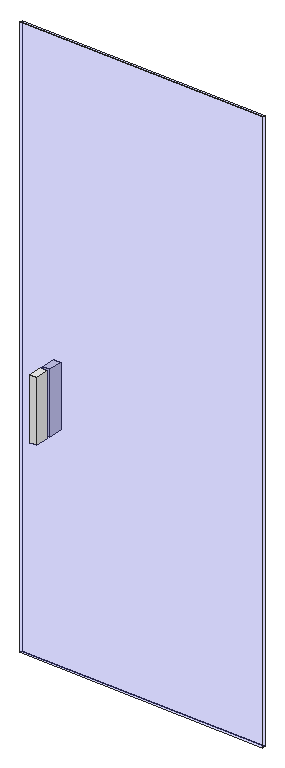
Revit family "M_Ściana kurtynowa z pojedynczym szkłem", category Doors, Revit 2015
Parameters
  Visual Light Transmittance = 0.9
  Solar Heat Gain Coefficient = 0.86
  Odsuń = 51.00 mm
  Construction Type Id = ""
  Heat Transfer Coefficient (U) = 5.5617 W/(m²·K)
  Materiał przeszklenia = Szkło
  Function = Exterior
  Analytic Construction = Duże pojedynczo szklone okna
Reference planes
  plane 1: y = 0
  plane 2: z = 0
  plane 3: x = 539.723
  plane 4: x = 82.523
  plane 5: x = 996.923
  plane 6: z = 2133.6
  plane 7: y = 51
Forms (mm)
  Extrusion 1, solid, material "Szkło" <- "Materiał przeszklenia"
    sketch origin (0, 0, 0) x (1, 0, 0) y (0, 1, 0)
      loop
        line (82.523, 51) -> (82.523, 38.3) -> (996.923, 38.3) -> (996.923, 51) -> (82.523, 51)
    from 0 to 2133.6
  Extrusion 2, solid, material "Aluminium"
    sketch origin (412.723, 51, 2133.6) x (0, 0, -1) y (-1, 0, 0)
      loop
        line (1143, 228.6) -> (1371.6, 228.6) -> (1371.6, 254) -> (1143, 254) -> (1143, 228.6)
    from 0 to 50.8
  Extrusion 3, solid, material "Aluminium"
    sketch origin (82.523, 38.3, 2133.6) x (0, 0, -1) y (1, 0, 0)
      loop
        line (1143, 76.2) -> (1371.6, 76.2) -> (1371.6, 101.6) -> (1143, 101.6) -> (1143, 76.2)
    from 0 to 50.8
Lines and regions (mm)
  symbolic lines, style "DoorsPanelProjection"
    curve 1: line (996.923, 51, 0) -> (996.923, 965.4, 0)
  symbolic lines, style "Ugięcie elewacji"
    curve 2: line (82.523, 51, 2133.6) -> (996.923, 51, 1066.8)
    curve 3: line (996.923, 51, 1066.8) -> (82.523, 51, 0)
  symbolic lines, style "Ugięcie rzutu"
    curve 4: arc (82.523, 51, 0) -> (350.345, 697.578, 0) -> (996.923, 965.4, 0) r 914.4
Text (mm)
  text "Zewnętrzna" at (-272.061, 797.241, 0), in view "Linia bazowa"
Dimensions and locks
  equal spacing: plane 4, plane 3, plane 5
  "Odsuń": plane 1 to plane 7
  equal spacing: plane 2, curve 3, plane 6
  Extrusion 1 to Extrusion 3 = 76.20 mm
  aligned and locked: Extrusion 1 to plane 6
  aligned and locked: Extrusion 1 sketch curve to plane 4
  aligned and locked: Extrusion 1 to plane 2
Automatic sketch dimensions
  curve 4 to plane 4 = 0.00 mm
  curve 4 to plane 5 = 0.00 mm
  curve 4 to plane 7 = 0.00 mm
  curve 2 to plane 4 = 0.00 mm
  curve 2 to plane 6 = 0.00 mm
  curve 3 to level = 0.00 mm
  curve 3 to plane 4 = 0.00 mm
  curve 3 to plane 5 = 0.00 mm
  Extrusion 3 sketch curve to plane 4 = 101.60 mm
  level to Extrusion 3 sketch curve = 990.60 mm
  Extrusion 3 sketch curve to plane 4 = 76.20 mm
  Extrusion 3 sketch curve to Extrusion 3 sketch curve = 228.60 mm
  Extrusion 1 sketch curve to plane 5 = 0.00 mm
  Extrusion 1 sketch curve to plane 7 = 0.00 mm
  Extrusion 1 sketch curve to Extrusion 1 sketch curve = 12.70 mm
  Extrusion 2 sketch curve to plane 4 = 76.20 mm
  level to Extrusion 2 sketch curve = 990.60 mm
  Extrusion 2 sketch curve to plane 4 = 101.60 mm
  Extrusion 2 sketch curve to Extrusion 2 sketch curve = 228.60 mm
  curve 1 to plane 7 = 0.00 mm
